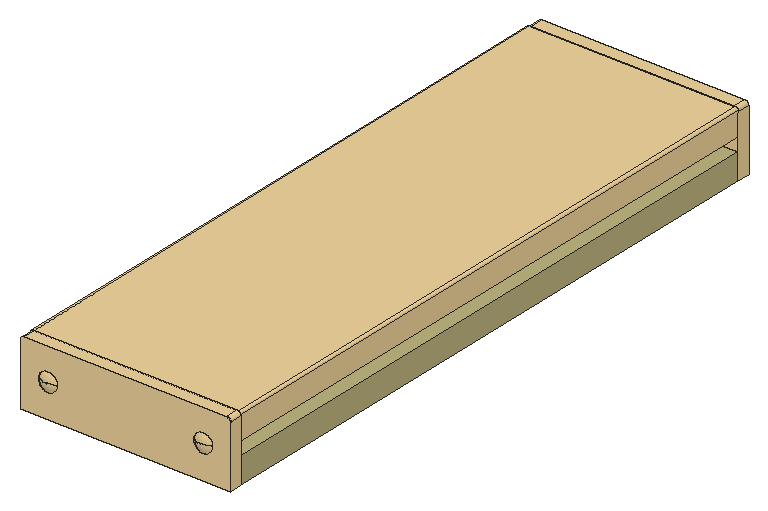
Revit family "JC KONTAKTER JCK119 FI", category Specialty Equipment, host Face, Revit 2025
Family settings
  Host = Face
  Round Connector Dimension = Use Diameter
  Part Type = Normal
  Enable Cutting in Views = Yes
  Cut with Voids When Loaded = No
  Maintain Annotation Orientation = Yes
  Shared = No
  Room Calculation Point = No
Parameters (values of type "JCK119")
  Valmistusmaa = "Ruotsi"
  URL = "https://www.jckontakter.fi/produkt/kyynarkytkin/kyynarkytkin-metalli/kyynarkytkin-jck119/"
  Tuotteen paino = "0.619 kg"
  Tekniken tuotekortti = "https://www.jckontakter.fi/wp-content/uploads/sites/4/Tekninen-tuotekortti_JCK119.237_FI-1.pdf"
  Päätypäät = Messinki
  Pienin nimellisvirta = "12V Resistiivinen 6A Induktiivinen L/R 5ms 6A, 24V Resistiivinen 6A Induktiivinen L/R 5ms 5A"
  Nimellisestä nimellisvirrasta = "1mA/4 V DC"
  Model = "JCK119"
  Mikrokytkin = "Standar NO IP67"
  Mikrokytkimien määrä = 2
  Manufacturer = "JC Kontakter"
  Kansi = Messinki
  Description = "Kyynärkytkin JCK119 on vankkarakenteinen malli, jossa on litteä painolevy ja messinkinen päätykappale sekä kullanväriseksi anodisoidusta alumiinista valmistettu runko-osa. Tämä malli on suunniteltu käytettäväksi ylellisissä ympäristöissä ja suojelluissa rakennuksissa. Kyynärkytkin JCK119 voidaan tilata myös langattomalla ohjauksella, sillä vanhoissa rakennuksissa kaapelointiin liittyy usein haasteita."
  Default Elevation = 800 mm
  Kotelo = Aluminum ENAW 6060 (kulta-anodisoitu)
  CE asiakirja = "https://jckontakter.se/wp-content/uploads/CE_Dokument.pdf"
Reference planes
  plane 1 "Center (Front/Back)": y = 0
  plane 2: z = 0
  plane 3 "Center (Left/Right)": x = 0
  plane 4 "A": y = -122.5
Lines and regions (mm)
  symbolic lines
    curve 1: line (-50, 0, 50) -> (50, 0, 50)
    curve 2: line (-50, 0, 0) -> (-50, 0, 50)
    curve 3: line (50, 0, 0) -> (-50, 0, 0)
    curve 4: line (50, 0, 50) -> (50, 0, 0)
    curve 5: line (-40, 117.5, 0) -> (40, 117.5, 0)
    curve 6: line (-40, -122.5, 0) -> (-40, 117.5, 0)
    curve 7: line (40, -122.5, 0) -> (-40, -122.5, 0)
    curve 8: line (40, 117.5, 0) -> (40, -122.5, 0)
Text (mm)
  text "Poista tämä tunniste ennen käyttöä.\n\nSijoitusohjeet:\n\n1. Lataa projektiin.\n2. Vie kursori sen pinnan päälle, johon perhe tullaan sijoittamaan.\n3. Jos perhe näkyy kiertyneenä, valitse asetus \"kierrä sijoittamisen jälkeen\".\n4. Napsauta haluttua pintaa.\n5. Kirjoita haluttu kulma.\n6. Paina Enter." at (123.173, 1072.34, 0), in view "Ref. Level"
Dimensions and locks
  aligned and locked: plane 2 to host face
  aligned and locked: level to host face
Nested families
  nested 1: "AK_119" at (0, -122.5, 0) x (1, 0, 0) z (0, 1, 0), type "AK_119"
Definition of nested family "AK_119"
  Parameters (values of type "AK_119")
    Screw Finish = none
    Default Elevation = 1219.2 mm
    Core Finish = none
    URL = "https://jckontakter.se/produkt/armbagskontakter-metall/armbagskontakt-massing/"
    Model = "JCK119"  # constant formula
    Manufacturer = "JC Kontakter"  # constant formula
    Lid Finish = none
    End Cap Finish = none
    Description = "JCK119 är en tålig armbågskontakt med plan tryckplatta och endcap i mässing, samt underdel i guldeloxerad aluminium. Modellen är utvecklad för att användas i exklusiva miljöer och i äldre, k-märkta byggnader. JCK119 går bra att beställa med radiostyrning då det ofta är svårt att komma fram med kablage i äldre byggnader."  # constant formula
  Types (2, lengths in mm): name | URL
    AK_119 | "https://jckontakter.se/produkt/armbagskontakter-metall/armbagskontakt-massing/"
    AK 207 | "https://jckontakter.se/produkt/armbagskontakter-metall/armbagskontakt-i-aluminium-jck207/"
  Reference planes
    plane 1 "Center (Front/Back)": y = 0
    plane 2: z = 0
    plane 3 "Center (Left/Right)": x = 0
    plane 4 "1": x = 40
    plane 5 "A": z = 5
    plane 6 "B": z = 241
    plane 7 "1A": y = -13
  Forms (mm)
    Extrusion 1, solid, material <- "Core Finish"
      sketch origin (40, 0, 5) x (1, 0, 0) y (0, 1, 0)
        loop
          line (-80, 0) -> (-80, -10) -> (-73.5, -10) -> (-73.5, -15.5) -> (-6.5, -15.5) -> (-6.5, -10) -> (0, -10) -> (0, 0) -> (-80, 0)
      from 0 to 236
    Extrusion 2, solid, material <- "Lid Finish"
      sketch origin (-40, 0, 5) x (-1, 0, 0) y (0, -1, 0)
        loop
          line (0, 15) -> (0, 24)
          arc (0, 24) -> (-0.293, 24.707) -> (-1, 25) r 1
          line (-1, 25) -> (-79, 25)
          arc (-79, 25) -> (-79.707, 24.707) -> (-80, 24) r 1
          line (-80, 24) -> (-80, 15) -> (0, 15)
      from 0 to 236
    Extrusion 3, solid, material <- "End Cap Finish"
      sketch origin (-40, 0, 0) x (1, 0, 0) y (0, 1, 0)
        loop
          arc (0, -23.5) -> (0.439, -24.561) -> (1.5, -25) r 1.5
          line (1.5, -25) -> (78.5, -25)
          arc (78.5, -25) -> (79.561, -24.561) -> (80, -23.5) r 1.5
          line (80, -23.5) -> (80, 0) -> (0, 0) -> (0, -23.5)
      from 0 to 5
    Extrusion 4, solid, material <- "End Cap Finish"
      sketch origin (0, 0, 241) x (-1, 0, 0) y (0, -1, 0)
        loop
          arc (40, 23.5) -> (39.561, 24.561) -> (38.5, 25) r 1.5
          line (38.5, 25) -> (-38.5, 25)
          arc (-38.5, 25) -> (-39.561, 24.561) -> (-40, 23.5) r 1.5
          line (-40, 23.5) -> (-40, 0) -> (40, 0) -> (40, 23.5)
      from 0 to 5
    Extrusion 5, void
      sketch origin (0, 0, 0) x (1, 0, 0) y (0, 1, 0)
        loop
          circle (-29.5, -13) r 3.5
        loop
          circle (29.5, -13) r 3.5
      from 0 to 1
    Revolve 6, solid, material <- "Screw Finish"
      sketch origin (0, -13, 0) x (-1, 0, 0) y (0, 0, 1)
        loop
          line (33, 0) -> (29.5, 0) -> (29.5, -0.928)
          arc (29.5, -0.928) -> (31.311, -0.692) -> (33, 0) r 7.062
        axis (29.5, -0.928) -> (29.5, 0.072)
      angle from 0 to 360
    Revolve 7, solid, material <- "Screw Finish"
      sketch origin (59, -13, 0) x (-1, 0, 0) y (0, 0, 1)
        loop
          line (33, 0) -> (29.5, 0) -> (29.5, -0.928)
          arc (29.5, -0.928) -> (31.311, -0.692) -> (33, 0) r 7.062
        axis (29.5, -0.928) -> (29.5, 0.072)
      angle from 0 to 360
    Extrusion 8, void
      sketch origin (0, 0, 241) x (-1, 0, 0) y (0, -1, 0)
        loop
          circle (29.5, 13) r 3.5
        loop
          circle (-29.5, 13) r 3.5
      from 4 to 5
    Revolve 9, solid, material <- "Screw Finish"
      sketch origin (0, -13, 0) x (-1, 0, 0) y (0, 0, 1)
        loop
          arc (33, 246) -> (31.311, 246.692) -> (29.5, 246.928) r 7.062
          line (29.5, 246.928) -> (29.5, 246) -> (33, 246)
        axis (29.5, 246) -> (29.5, 247)
      angle from 0 to 360
    Revolve 10, solid, material <- "Screw Finish"
      sketch origin (59, -13, 0) x (-1, 0, 0) y (0, 0, 1)
        loop
          arc (33, 246) -> (31.311, 246.692) -> (29.5, 246.928) r 7.062
          line (29.5, 246.928) -> (29.5, 246) -> (33, 246)
        axis (29.5, 246) -> (29.5, 247)
      angle from 0 to 360
  Cuts and joins
    Extrusion 5, Extrusion 8 cuts Extrusion 3
    Extrusion 8 cuts Revolve 6
    Extrusion 8 cuts Revolve 7
    Extrusion 8 cuts Extrusion 4
  Dimensions and locks
    aligned and locked: level to plane 2
